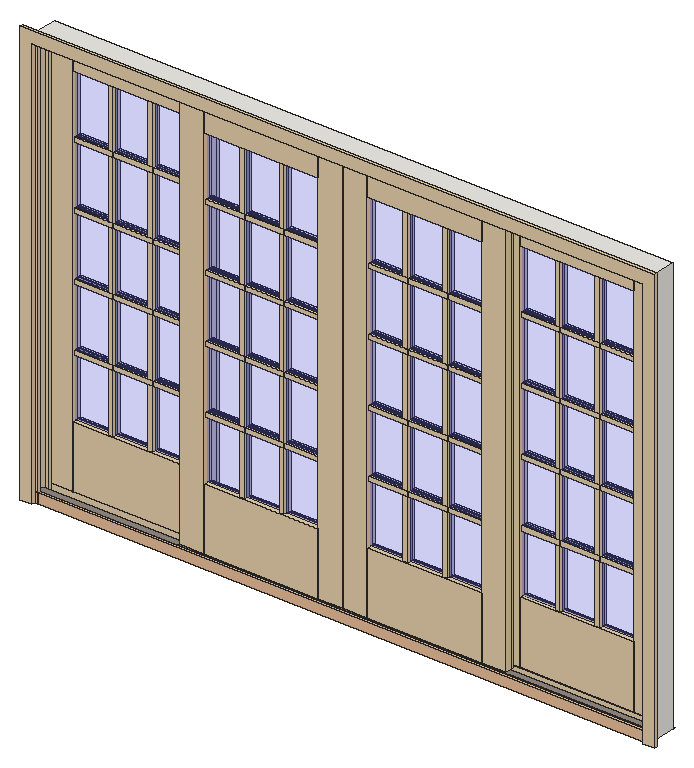
Revit family "Door-Gliding-Andersen-E_Series-Quad 2", category Doors, host Wall, Revit 2013
Parameters
  Type Comments = "Aluminum-clad wood Gliding French Door"  # constant formula
  Rough Width = Width + (Rough Opening Offset * 2)  # 9' - 11"
  Rough Opening Offset = 0' - 0 1/4"
  Rough Height = if(1 > 0, Height + 0' 0 1/2", 0' 0")  # 6' - 8 1/2"
  Masonry Width = if(Enter Exterior Trim Number > 0, Width + ((casing4 + Masonry Opening Offset) * 2), Width + (Masonry Opening Offset * 2))  # 9' - 11"
  Masonry Opening Offset = 0' - 0 1/4"
  Masonry Height = if(Enter Exterior Trim Number > 0, Height + (casing4 + 0' 0 1/2"), Height + 0' 0 1/2")  # 6' - 8 1/2"
  Learn About These Parameters = "http://www.andersenwindows.com/for-professionals/cad-symbols-bim-support-window-doors/bim-support"
  LWide = if(or(Enter Pattern Number = 1, Enter Pattern Number = 2), . . Lights Wide, if(Enter Pattern Number = 6, . . .Lights Wide, 3))  # 3
  Grille Bar Sizes = "5/8'', 7/8'', 1 1/8'', 1 1/2'', 2 1/4''"  # constant formula
  Glazing Material = Glass ‐ Andersen - Low-E4 SmartSun
  Between Glass Grille Bar Sizes = "5/8'', 1''"  # constant formula
  Interior Trim Visibility = yes
  Grille Bar Size = 0' - 0 7/8"
  Enter Pattern Number = 1
  ..Pattern Number 1 = "Traditional"  # constant formula
  ..Pattern Number 2 = "Traditional Top Light Only"  # constant formula
  . . Lights Wide = 3
  . . Top Light Lights High = 5
  . . Bottom Light Lights High = 2
  ..Pattern Number 3 = "Prairie Each Light"  # constant formula
  ..Pattern Number 4 = "Prairie Top Light Only"  # constant formula
  ..Pattern Number 5 = "Prairie Overall"  # constant formula
  ..Pattern Number 6 = "Craftsman"  # constant formula
  . . .Lights Wide = 3
  Extension Jamb Visibility = yes
  . . .Lights High = 1
  . . .Bottom Bar Location = 1' - 0"
  . . .Bottom Bar Size = 0' - 0 7/8"
  Enter Exterior Trim Number = 0
  ..Exterior Trim Number 0 = "No Exterior Trim"  # constant formula
  ..Exterior Trim Number 1 = "2'' Brick Mould (A753)"  # constant formula
  ..Exterior Trim Number 2 = "2'' Ovolo Brick Mould (A754)"  # constant formula
  ..Exterior Trim Number 3 = "3 1/2'' Brick Mould (A755)"  # constant formula
  ..Exterior Trim Number 4 = "3 1/2'' Backband & Bead Casing (A756)"  # constant formula
  ..Exterior Trim Number 5 = "3 1/2'' Flat Casing (A75B)"  # constant formula
  ..Exterior Trim Number 6 = "5 1/2'' Flat Casing (A758)"  # constant formula
  Interior Grille Bar Visibility = yes
  Exterior Grille Bar Visibility = yes
  Between Glass Grille Bar Visibility = yes
  xjamb Visibility [instance] = and(Extension Jamb Visibility, Wall Depth > 0' 4 9/16")  # no
  xjamb S1 [instance] = if(Wall Depth < 0' 4 5/8", 0' 0 1/16", 0' 0")  # 0' - 0 1/16"
  casingS2 = if(Enter Exterior Trim Number = 3, 0' 0 7/8", 0' 0 3/8")  # 0' - 0 3/8"
  casingS1 = if(Enter Exterior Trim Number = 1, 0' 0 5/8", if(or(Enter Exterior Trim Number = 2, Enter Exterior Trim Number = 3), 0' 1 1/2", 0' 0 3/8"))  # 0' - 0 3/8"
  casing4 = if(or(Enter Exterior Trim Number = 1, Enter Exterior Trim Number = 2), 0' 1 5/8", if(Enter Exterior Trim Number = 6, 0' 5 1/8", 0' 3 1/8"))  # 0' - 3 1/8"
  casing3 = if(Enter Exterior Trim Number = 1, 0' 0 3/8", if(Enter Exterior Trim Number = 2, 0' 0 5/16", 0' 0 9/16"))  # 0' - 0 9/16"
  casing2 = if(Enter Exterior Trim Number = 1, 0' 0 7/8", if(Enter Exterior Trim Number = 2, 0' 1 9/16", 0' 1 7/16"))  # 0' - 1 7/16"
  casing1 = 0' - 0 1/4"  # constant formula
  Wall Thickness [instance] = 0' - 8"
  Wall Depth [instance] = 0' - 4 9/16"
  Void Offset 1 [instance] = if(Enter Exterior Trim Number > 0, casing4, 0' 0")  # 0' - 0"
  Void Depth [instance] = if(Wall Thickness > Wall Depth, 0' 1" + Wall Thickness - Wall Depth, 0' 1")  # 0' - 4 7/16"
  VGB DLO = if(or(Enter Pattern Number = 3, or(Enter Pattern Number = 4, Enter Pattern Number = 5)), 0' 4", (H DLO - (Grille Bar Size * (V Bars))) / if(LWide > 2, LWide, 3))  # 2' - 10.91667"
  V Bars = if(LWide > 2, LWide - 1, 2)  # 2
  URL = "www.eaglewindow.com"
  TS V DLO = Height - HGO - SGO  # 5' - 8"
  TS V Bar Length = if(Enter Pattern Number = 6, . . .Bottom Bar Location - HGO - (. . .Bottom Bar Size / 2), TS V DLO)  # 5' - 8"
  TS SH DLO = if(Enter Pattern Number = 5, HGO + 0' 4" + (Grille Bar Size / 2), if(Enter Pattern Number = 6, . . .Bottom Bar Location, (TS V DLO / 2) + HGO))  # 3' - 4"
  TS S V = LWide = 2  # no
  TS S H Craftsman = and(Enter Pattern Number = 6, . . .Lights High = 2)  # no
  TS S H = and(. . Top Light Lights High = 2, or(or(or(Enter Pattern Number = 5, Enter Pattern Number = 6), Enter Pattern Number = 1), Enter Pattern Number = 2))  # no
  TS M V = or(or(or(or(or(and(LWide > 2, Enter Pattern Number = 1), and(LWide > 2, Enter Pattern Number = 2)), Enter Pattern Number = 3), Enter Pattern Number = 4), Enter Pattern Number = 5), and(LWide > 2, Enter Pattern Number = 6))  # yes
  TS M H = or(or(or(and(. . Top Light Lights High > 2, Enter Pattern Number = 1), and(. . Top Light Lights High > 2, Enter Pattern Number = 2), Enter Pattern Number = 3), Enter Pattern Number = 4), and(. . .Lights High > 2, Enter Pattern Number = 6))  # yes
  TS HGB DLO = if(or(Enter Pattern Number = 3, Enter Pattern Number = 4), 0' 4", if(and(Enter Pattern Number = 6, . . .Lights High > 2), (TS V Bar Length - (Grille Bar Size * (. . .Lights High - 1))) / . . .Lights High, if(. . Top Light Lights High > 2, (TS V Bar Length - (Grille Bar Size * (. . Top Light Lights High - 1))) / . . Top Light Lights High, 0' 4")))  # 1' - 0.9"
  TS H Bars = if(or(Enter Pattern Number = 3, Enter Pattern Number = 4), 2, if(and(Enter Pattern Number = 6, . . .Lights High > 2), . . .Lights High - 1, if(. . Top Light Lights High > 2, . . Top Light Lights High - 1, 2)))  # 4
  Sill Interior Offset [instance] = 0' - 0 5/128"  # constant formula
  Sill Height [instance] = 0' - 1 7/8"  # constant formula
  Panel Bottom Inset [instance] = 0' - 2 5/32"  # constant formula
  Sill Depth [instance] = 0' - 6 1/16"  # constant formula
  SGO = 0' - 6"  # constant formula
  Product Documentation Link = "www.eaglewindow.com/_Products/Ascent-Sliding-French-Doors.aspx"
  Panel Width = ((Width / 4) - 0' 1 3/4") + 0' 3 3/8"  # 2' - 7 1/4"
  Panel Type [instance] = Gliding_Panel : SP2
  Panel Height [instance] = CTRL Height - 0' 0 31/32" - Panel Bottom Inset  # 6' - 4 7/8"
  Nail Fin Visibility = Enter Exterior Trim Number = 0  # yes
  Model = "E-Series Gliding"  # constant formula
  Manufacturer = "Andersen Corporation"  # constant formula
  JGO = 0' - 6"  # constant formula
  Is Gliding = 1 = 1  # yes
  Interior Trim Size = 0' - 2 1/4"
  Interior Material = Wood - Andersen - Pine
  Horizontal Craftsman Bar Size = if(Enter Pattern Number = 6, . . .Bottom Bar Size, Grille Bar Size)  # 0' - 0 7/8"
  HGO = 0' - 6"  # constant formula
  H DLO = Width - (JGO * 2)  # 8' - 10 1/2"
  Function = Exterior
  Height = 6' - 8"
  Wall Closure = By host
  Width = 9' - 10 1/2"
  Frame Interior Inset [instance] = 0' - 0"  # constant formula
  Frame Depth [instance] = 0' - 5 29/32"  # constant formula
  Family Version = "06.01.14"  # constant formula
  Exterior Trim Finish = Aluminum - Andersen - Painted - White
  Exterior Panel Finish = Aluminum - Andersen - Painted - White
  Exterior Grille Bar Finish = Aluminum - Andersen - Painted - White
  Exterior Frame Finish = Aluminum - Andersen - Painted - White
  Designation = "GD"
  Description = "Aluminum-clad wood Gliding French Door"  # constant formula
  Coarse Plan [instance] = if(Wall Depth > Wall Thickness, Wall Thickness, Wall Depth)  # 0' - 4 9/16"
  Casing Visibility [instance] = Enter Exterior Trim Number > 0  # no
  CTRL Height [instance] = Height  # 6' - 8"
  Between Glass Grille Bar Finish = Stainless Steel - Andersen - Standard
  BS V DLO = Height - HGO - SGO  # 5' - 8"
  BS SH DLO = if(Enter Pattern Number = 5, SGO + 0' 4" + (Grille Bar Size / 2), (BS V DLO / 2) + SGO)  # 3' - 4"
  BS S V = and(LWide = 2, Enter Pattern Number = 1)  # no
  BS S H = or(and(. . Bottom Light Lights High = 2, Enter Pattern Number = 1), Enter Pattern Number = 5)  # yes
  BS M V = or(or(and(LWide > 2, Enter Pattern Number = 1), Enter Pattern Number = 3), Enter Pattern Number = 5)  # yes
  BS M H = or(and(. . Bottom Light Lights High > 2, Enter Pattern Number = 1), Enter Pattern Number = 3)  # no
  BS HGB DLO = if(. . Bottom Light Lights High > 2, if(Enter Pattern Number = 3, 0' 4", (BS V DLO - (Grille Bar Size * (. . Bottom Light Lights High - 1))) / . . Bottom Light Lights High), 0' 2")  # 0' - 2"
  BS H Bars = if(. . Bottom Light Lights High > 2, . . Bottom Light Lights High - 1, 2)  # 2
Reference planes (in)
  plane 1 "Center (Front/Back)": y = 0
  plane 2 "Center (Left/Right)": x = 0
  plane 3 "R Frame": x = -59.25
  plane 4 "L Frame": x = 59.25
  plane 5 "T Frame": z = 80
  plane 6 "Wall S1": y = 3.71875
  plane 7 "Wall S2": y = -4.28125
  plane 8 "Interior Casing": y = -4.90625
  plane 9 "Frame S2": y = -4.28125
  plane 10 "Flange": y = 0.28125
  plane 11 "Frame S1": y = 1.625
  plane 12 "Casing S2": y = 2
  plane 13 "Casing S1": y = 2
  plane 14 "Exterior Offset": y = 4.71875
  plane 15 "Coarse Detail Plan": y = 1.5625
  plane 16 "R Rough Opening": x = -59.5
  plane 17 "R Casing 1": x = -59
  plane 18 "R Casing 2": x = -60.9375
  plane 19 "R Casing 3": x = -61.8125
  plane 20 "R Casing 4": x = -62.375
  plane 21 "R Masonry Opening": x = -59.5
  plane 22 "L Masonry Opening": x = 59.5
  plane 23 "L Casing 4": x = 62.375
  plane 24 "L Casing 3": x = 61.8125
  plane 25 "L Casing 2": x = 60.9375
  plane 26 "L Casing 1": x = 59
  plane 27 "L Rough Opening": x = 59.5
  plane 28 "T Rough Opening": z = 80.5
  plane 29 "T Casing 1": z = 79.75
  plane 30 "T Casing 2": z = 81.6875
  plane 31 "T Casing 3": z = 82.5625
  plane 32 "T Casing 4": z = 83.125
  plane 33 "T Masonry Opening": z = 80.5
  plane 34 "R Int Casing": x = -60.75
  plane 35 "R Xjamb 2": x = -59.125
  plane 36 "R Xjamb 1": x = -58.5
  plane 37 "L Int Casing": x = 60.75
  plane 38 "L Xjamb 2": x = 59.125
  plane 39 "L Xjamb 1": x = 58.5
  plane 40 "T Int Casing": z = 81.25
  plane 41 "T Xjamb 2": z = 79.875
  plane 42 "T Xjamb 1": z = 79
  plane 43 "L Panel": x = 58.4372
  plane 44 "R Panel": x = -58.4375
  plane 45 "T Panel": z = 79.0312
  plane 46 "B Panel": z = 2.1562
  plane 47 "B Glazing": z = 10.1562
  plane 48 "T Glazing": z = 74.3437
  plane 49 "L Glazing": x = 53.7497
  plane 50 "R Glazing": x = -53.75
  plane 51 "Panel1 S1": y = -1.88625
  plane 52 "Panel1 S2": y = -3.63625
  plane 53 "Xjamb S1": y = -4.21875
  plane 54 "Frame S2 Ext": y = 1.625
  plane 55 "Stop Exterior": y = -1.20413
  plane 56 "Stop Interior": y = -1.71975
  plane 57 "Sill Interior": y = -4.32031
  plane 58 "Sill Exterior": y = 1.74219
  plane 59 "L Stop": x = 57.75
  plane 60 "R Stop": x = -57.75
  plane 61 "T Stop": z = 78.5
  plane 62 "Sill Height": z = 1.875
  plane 63 "Panel2 S1": y = 0.625
  plane 64 "Panel2 S2": y = -1.1355
  plane 65 "R Panel Width": x = -27.1875
  plane 66 "L Panel Width": x = 27.1872
Forms (in)
  Extrusion 1, void
    sketch origin (0, 0, 0) x (1, 0, 0) y (0, 0, 1)
      loop
        line (59.25, 80) -> (-59.25, 80) -> (-59.25, 0) -> (59.25, 0) -> (59.25, 80)
    from -0.28125 to 4.28125
  Extrusion 2, void
    sketch origin (0, 0, 0) x (1, 0, 0) y (0, 0, 1)
      loop
        line (59.25, 80) -> (-59.25, 80) -> (-59.25, 0) -> (59.25, 0) -> (59.25, 80)
    from -15.71875 to -0.28125
  Sweep 3, solid, material "Aluminum - Andersen - Painted - White" <- "Exterior Trim Finish", visible <- "Casing Visibility", detail levels medium+fine
    path origin (0, 0.28125, 0) x (-1, 0, 0) y (0, 0, 1)
      loop
        line (-62.375, 0) -> (-62.375, 83.125) -> (62.375, 83.125) -> (62.375, 0)
    profile origin (62.375, 0.28125, 41.5625) x (1, 0, 0) y (0, 1, 0)
      loop
        line (-1.4375, 1.71875) -> (-3.375, 1.71875) -> (-3.375, 0) -> (0, 0) -> (0, 1.71875) -> (-0.5625, 1.71875) -> (-1.4375, 1.71875)
  Extrusion 4, solid, material "Aluminum - Andersen - Painted - White" <- "Exterior Trim Finish", visible <- "Casing Visibility", detail levels coarse
    sketch origin (0, 0.28125, 0) x (-1, 0, 0) y (0, 0, 1)
      loop
        line (-59, 79.75) -> (59, 79.75) -> (59, 0) -> (62.375, 0) -> (62.375, 83.125) -> (-62.375, 83.125) -> (-62.375, 0) -> (-59, 0) -> (-59, 79.75)
    from 0 to 1.71875
  Extrusion 5, solid, material "Wood - Andersen - Pine" <- "Interior Material", visible <- "Interior Trim Visibility", detail levels fine
    sketch origin (0, 0, 0) x (1, 0, 0) y (0, 0, 1)
      loop
        line (-58.5, 79) -> (58.5, 79) -> (58.5, 0) -> (60.75, 0) -> (60.75, 81.25) -> (-60.75, 81.25) -> (-60.75, 0) -> (-58.5, 0) -> (-58.5, 79)
    from 4.28125 to 4.90625
  Extrusion 6, solid, material "Wood - Andersen - Pine" <- "Interior Material", visible <- "xjamb Visibility", detail levels medium+fine
    sketch origin (0, 0, 0) x (1, 0, 0) y (0, 0, 1)
      loop
        line (-59.125, 0) -> (-58.5, 0) -> (-58.5, 79) -> (58.5, 79) -> (58.5, 0) -> (59.125, 0) -> (59.125, 79.875) -> (-59.125, 79.875) -> (-59.125, 0)
    from 4.21875 to 4.28125
  Sweep 7, solid, material "Aluminum - Andersen - Painted - White" <- "Exterior Frame Finish", detail levels medium+fine
    path origin (0, 0.28125, 0) x (-1, 0, 0) y (0, 0, 1)
      loop
        line (-59.25, 0) -> (-59.25, 80) -> (59.25, 80) -> (59.25, 0)
    profile origin (59.25, 0.28125, 40) x (1, 0, 0) y (0, 1, 0)
      loop
        line (0, -4.5625) -> (0, 1.13341) -> (-0.41612, 1.34375) -> (-1.5, 1.34375) -> (-1.5, 0.35575) -> (-0.75, 0.35575) -> (-0.75, -1.48538) -> (-1.375, -1.48538) -> (-1.375, -2.001) -> (-0.75, -2.001) -> (-0.75, -4.0625) -> (-1.313, -4.0625) -> (-1.313, -4.5625) -> (0, -4.5625)
  Sweep 8, solid, material "Aluminum - Andersen - Painted - White" <- "Exterior Frame Finish", detail levels coarse
    path origin (-0.30351, 0.28125, 0) x (-1, 0, 0) y (0, 0, 1)
      loop
        line (-59.55351, 0) -> (-59.55351, 80) -> (58.94649, 80) -> (58.94649, 0)
    profile origin (59.25, 0.28125, 40) x (1, 0, 0) y (0, 1, 0)
      loop
        line (-0.75, -4.5625) -> (0, -4.5625) -> (0, 1.34375) -> (-0.75, 1.34375) -> (-0.75, -4.5625)
  Sweep 9, solid, material "Fiberglass - Andersen - Terratone", detail levels medium+fine
    path origin (0, 0.28125, 0) x (-1, 0, 0) y (0, 0, 1)
      loop
        line (-59.25, 0) -> (59.25, 0)
    profile origin (0, 0.28125, 0) x (0, 0, 1) y (0, 1, 0)
      loop
        line (0, -4.60156) -> (1.875, -4.60156) -> (1.875, -3.94709) -> (2.00898, -3.94709) -> (1.91719, -2.63442) -> (0.63229, -2.63442) -> (0.54751, -1.41675) -> (0.42251, -1.41675) -> (0.29543, 0.40833) -> (0.15625, 0.40833) -> (0.09649, 1.46094) -> (0, 1.46094) -> (0, -4.60156)
  Sweep 10, solid, material "Fiberglass - Andersen - Terratone", detail levels coarse
    path origin (0, 0.28125, 0) x (-1, 0, 0) y (0, 0, 1)
      loop
        line (-58.5, 2.1562) -> (58.5, 2.1562)
    profile origin (0, 0.28125, 2.1562) x (0, 0, 1) y (0, 1, 0)
      loop
        line (0, 1.46094) -> (-2.1562, 1.46094) -> (-2.1562, -4.60156) -> (0, -4.60156) -> (0, 1.46094)
  Sweep 11, void
    path origin (0, 0.28125, 0) x (-1, 0, 0) y (0, 0, 1)
      loop
        line (0, 0) -> (0, 2.1562)
    profile origin (0, 0.28125, 1.0781) x (1, 0, 0) y (0, 1, 0)
      loop
        line (57.937, -4.0625) -> (57.937, -4.5625) -> (59.25, -4.5625) -> (59.25, 1.34375) -> (57.75, 1.34375) -> (57.75, 0.35575) -> (58.5, 0.35575) -> (58.5, -1.48538) -> (57.875, -1.48538) -> (57.875, -2.001) -> (58.5, -2.001) -> (58.5, -4.0625) -> (57.937, -4.0625)
      loop
        line (-57.937, -4.0625) -> (-58.5, -4.0625) -> (-58.5, -2.001) -> (-57.875, -2.001) -> (-57.875, -1.48538) -> (-58.5, -1.48538) -> (-58.5, 0.35575) -> (-57.75, 0.35575) -> (-57.75, 1.34375) -> (-59.25, 1.34375) -> (-59.25, -4.5625) -> (-57.937, -4.5625) -> (-57.937, -4.0625)
  Sweep 12, solid, material "Aluminum - Andersen - Painted - White" <- "Exterior Frame Finish", detail levels medium+fine
    path origin (0.97958, 0.28125, -3.29495) x (-1, 0, 0) y (0, 0, 1)
      loop
        line (28.16708, 5.45115) -> (59.41708, 5.45115)
    profile origin (-42.8125, 0.28125, 2.1562) x (0, 0, 1) y (0, 1, 0)
      loop
        line (-1.73369, -1.41675) -> (0, -1.41675) -> (0, 0.34375) -> (-1.85627, 0.34375) -> (-1.73369, -1.41675)
  Sweep 13, solid, material "Aluminum - Andersen - Painted - White" <- "Exterior Frame Finish", detail levels medium+fine
    path origin (-0.98038, 0.28125, -3.29495) x (1, 0, 0) y (0, 0, 1)
      loop
        line (28.16758, 5.45115) -> (59.41758, 5.45115)
    profile origin (42.8122, 0.28125, 2.1562) x (0, 0, -1) y (0, 1, 0)
      loop
        line (1.73369, -1.41675) -> (1.85627, 0.34375) -> (0, 0.34375) -> (0, -1.41675) -> (1.73369, -1.41675)
Cuts and joins
  Sweep 11 cuts Sweep 9
Lines and regions (in)
  Masking region 1, visible <- "Casing Visibility"
    outline origin (0, 0, 0) x (0, 1, 0) y (0, 0, 1)
      loop
        line (0.28125, 80) -> (1.625, 80) -> (1.625, 0) -> (2, 0) -> (2, 83.125) -> (0.28125, 83.125) -> (0.28125, 80)
  Masking region 2
    outline origin (0, 0, 0) x (1, 0, 0) y (0, 1, 0)
      loop
        line (-59.25, 1.74219) -> (-59.25, -4.32031) -> (59.25, -4.32031) -> (59.25, 1.74219) -> (-59.25, 1.74219)
  Masking region 3
    outline origin (0, 0, 0) x (0, 1, 0) y (0, 0, 1)
      loop
        line (1.625, 80) -> (-4.28125, 80) -> (-4.28125, 0) -> (1.625, 0) -> (1.625, 80)
  Masking region 4, visible <- "Casing Visibility", detail levels fine
    outline origin (0, 0, 0) x (1, 0, 0) y (0, 1, 0)
      loop
        line (-61.8125, 2) -> (-62.375, 2) -> (-62.375, 0.28125) -> (-59.25, 0.28125) -> (-59.25, 1.625) -> (-59, 1.625) -> (-59, 2) -> (-60.9375, 2) -> (-61.8125, 2)
  Masking region 5, visible <- "Casing Visibility", detail levels fine
    outline origin (0, 0, 0) x (1, 0, 0) y (0, 1, 0)
      loop
        line (61.8125, 2) -> (60.9375, 2) -> (59, 2) -> (59, 1.625) -> (59.25, 1.625) -> (59.25, 0.28125) -> (62.375, 0.28125) -> (62.375, 2) -> (61.8125, 2)
  Masking region 6, visible <- "Casing Visibility", detail levels coarse+medium
    outline origin (0, 0, 0) x (1, 0, 0) y (0, 1, 0)
      loop
        line (-62.375, 2) -> (-62.375, 0.28125) -> (-59.25, 0.28125) -> (-59.25, 2) -> (-62.375, 2)
  Masking region 7, visible <- "Casing Visibility", detail levels coarse+medium
    outline origin (0, 0, 0) x (1, 0, 0) y (0, 1, 0)
      loop
        line (59.25, 2) -> (59.25, 0.28125) -> (62.375, 0.28125) -> (62.375, 2) -> (59.25, 2)
  Masking region 8, visible <- "Casing Visibility"
    outline origin (0, 1.74219, 0) x (-1, 0, 0) y (0, 0, 1)
      loop
        line (-62.375, 83.125) -> (-62.375, 0) -> (-59.25, 0) -> (-59.25, 80) -> (59.25, 80) -> (59.25, 0) -> (62.375, 0) -> (62.375, 83.125) -> (-62.375, 83.125)
  Masking region 9, visible <- "Interior Trim Visibility", detail levels fine
    outline origin (0, -4.90625, 0) x (-1, 0, 0) y (0, 0, 1)
      loop
        line (-60.75, 81.25) -> (-60.75, 0) -> (-58.5, 0) -> (-58.5, 79) -> (58.5, 79) -> (58.5, 0) -> (60.75, 0) -> (60.75, 81.25) -> (-60.75, 81.25)
  Masking region 10
    outline origin (0, -4.32031, 0) x (-1, 0, 0) y (0, 0, 1)
      loop
        line (-59.25, 80) -> (-59.25, 0) -> (59.25, 0) -> (59.25, 80) -> (-59.25, 80)
      loop
        line (-57.75, 78.5) -> (-57.75, 2.1562) -> (57.75, 2.1562) -> (57.75, 78.5) -> (-57.75, 78.5)
  Split face 1
    outline origin (-27.1875, 0.28125, 2.1562) x (0, 0, -1) y (0, 1, 0)
      loop
        line (0, -0.03125) -> (1.83234, -0.03125)
  Masking region 11
    outline origin (0, 1.74219, 0) x (-1, 0, 0) y (0, 0, 1)
      loop
        line (59.25, 80) -> (-59.25, 80) -> (-59.25, 0) -> (59.25, 0) -> (59.25, 80)
      loop
        line (57.75, 78.5) -> (-57.75, 78.5) -> (-57.75, 2.1562) -> (57.75, 2.1562) -> (57.75, 78.5)
  Split face 2
    outline origin (27.1872, 0.28125, 2.1562) x (0, 0, 1) y (0, 1, 0)
      loop
        line (0, -0.03125) -> (-1.83234, -0.03125)
  Split face 3
    outline origin (58.5, 1.74219, 2.1562) x (-1, 0, 0) y (0, -1, 0)
      loop
        line (0, 5.37844) -> (117, 5.37844)
  Split face 4
    outline origin (58.5, 0.28125, 2.1562) x (0, 0, -1) y (0, 1, 0)
      loop
        line (0, -3.9175) -> (2.1562, -3.9175)
  Split face 5
    outline origin (-58.5, 0.28125, 2.1562) x (0, 1, 0) y (0, 0, -1)
      loop
        line (-3.9175, 0) -> (-3.9175, 2.1562)
  Split face 6
    outline origin (58.5, -4.32031, 0) x (0, 1, 0) y (-1, 0, 0)
      loop
        line (0.68406, 117) -> (0.68406, 0)
  Split face 7
    outline origin (58.5, -4.28125, 0) x (0, 0, 1) y (0, 1, 0)
      loop
        line (0, 3.14575) -> (79.25, 3.14575)
  Split face 8
    outline origin (-58.5, -4.28125, 79.25) x (0, 0, -1) y (0, 1, 0)
      loop
        line (79.25, 3.14575) -> (0, 3.14575)
  Split face 9
    outline origin (58.5, -4.28125, 79.25) x (0, 1, 0) y (-1, 0, 0)
      loop
        line (3.14575, 0) -> (3.14575, 31.3128) -> (0.645, 31.3128) -> (0.645, 85.6875) -> (3.14575, 85.6875) -> (3.14575, 117)
  Split face 10
    outline origin (-59.25, 1.625, 80) x (0, 0, -1) y (0, -1, 0)
      loop
        line (80, 2.7605) -> (0, 2.7605)
  Split face 11
    outline origin (59.25, 1.625, 80) x (-1, 0, 0) y (0, -1, 0)
      loop
        line (118.5, 2.7605) -> (0, 2.7605)
  Split face 12
    outline origin (59.25, 1.625, 0) x (0, 0, 1) y (0, -1, 0)
      loop
        line (80, 2.7605) -> (0, 2.7605)
  Split face 13
    outline origin (-59.25, 1.41466, 80) x (0, 0, -1) y (0, -1, 0)
      loop
        line (80, 2.55016) -> (0, 2.55016)
  Split face 14
    outline origin (59.25, 1.41466, 80) x (-1, 0, 0) y (0, -1, 0)
      loop
        line (118.5, 2.55016) -> (0, 2.55016)
  Split face 15
    outline origin (59.25, 1.41466, 0) x (0, 0, 1) y (0, -1, 0)
      loop
        line (80, 2.55016) -> (0, 2.55016)
  Masking region 12, visible <- "xjamb Visibility", detail levels medium+fine
    outline origin (0, 0, 0) x (1, 0, 0) y (0, 1, 0)
      loop
        line (-59.125, -4.21875) -> (-59.125, -4.28125) -> (-58.5, -4.28125) -> (-58.5, -4.21875) -> (-59.125, -4.21875)
  Masking region 13, visible <- "Interior Trim Visibility", detail levels fine
    outline origin (0, 0, 0) x (1, 0, 0) y (0, 1, 0)
      loop
        line (-60.75, -4.28125) -> (-60.75, -4.90625) -> (-58.5, -4.90625) -> (-58.5, -4.28125) -> (-60.75, -4.28125)
  Masking region 14, visible <- "xjamb Visibility", detail levels medium+fine
    outline origin (0, 0, 0) x (1, 0, 0) y (0, 1, 0)
      loop
        line (58.5, -4.21875) -> (58.5, -4.28125) -> (59.125, -4.28125) -> (59.125, -4.21875) -> (58.5, -4.21875)
  Masking region 15, visible <- "Interior Trim Visibility", detail levels fine
    outline origin (0, 0, 0) x (1, 0, 0) y (0, 1, 0)
      loop
        line (58.5, -4.28125) -> (58.5, -4.90625) -> (60.75, -4.90625) -> (60.75, -4.28125) -> (58.5, -4.28125)
  Masking region 16, visible <- "xjamb Visibility", detail levels medium+fine
    outline origin (0, 0, 0) x (0, 1, 0) y (0, 0, 1)
      loop
        line (-4.21875, 79.875) -> (-4.28125, 79.875) -> (-4.28125, 0) -> (-4.21875, 0) -> (-4.21875, 79.875)
  Masking region 17, visible <- "Interior Trim Visibility", detail levels fine
    outline origin (0, 0, 0) x (0, 1, 0) y (0, 0, 1)
      loop
        line (-4.28125, 81.25) -> (-4.90625, 81.25) -> (-4.90625, 0) -> (-4.28125, 0) -> (-4.28125, 81.25)
  symbolic lines, style "DoorsFrameMullionProjection", visible <- "Casing Visibility", detail levels medium+fine
    curve 1: line (0, 2, 82.5625) -> (0, 2, 81.6875)
    curve 2: line (0, 2, 81.6875) -> (0, 2, 79.75)
    curve 3: line (0, 2, 79.75) -> (0, 1.625, 79.75)
    curve 5: line (60.875, 0.28125, 2.1562) -> (64, 0.28125, 2.1562)
    curve 6: line (-60.875, 0.28125, 2.1562) -> (-64, 0.28125, 2.1562)
    curve 117: line (0, 0.28125, 84.75) -> (0, 0.28125, 83.125)
  symbolic lines, style "DoorsFrameMullionProjection", detail levels coarse
    curve 4: line (0, 1.625, 80) -> (0, 2, 80)
    curve 7: line (58.5, 1.625, 2.1562) -> (58.5, -4.28125, 2.1562)
    curve 8: line (0, 1.74219, 0) -> (0, 1.74219, 2.1562)
    curve 9: line (0, 1.74219, 2.1562) -> (0, -4.32031, 2.1562)
    curve 10: line (0, -4.32031, 2.1562) -> (0, -4.32031, 0)
    curve 11: line (0, -4.21875, 79) -> (0, 1.625, 79)
    curve 33: line (-59.25, 1.625, 2.1562) -> (-58.5, 1.625, 2.1562)
    curve 96: line (-58.5, 1.625, 2.1562) -> (-58.5, -4.28125, 2.1562)
    curve 121: line (58.5, 1.625, 2.1562) -> (59.25, 1.625, 2.1562)
  symbolic lines, style "DoorsFrameMullionProjection", detail levels medium+fine
    curve 12: line (-58.875, -4.28125, 2.1562) -> (-59.25, -4.28125, 2.1562)
    curve 15: line (-57.75, 1.625, 0.8125) -> (-57.75, 0.637, 0.8125)
    curve 16: line (-57.75, 0.637, 0.8125) -> (-58.5, 0.637, 0.8125)
    curve 17: line (-58.5, 0.637, 0.8125) -> (-58.5, -1.20413, 0.8125)
    curve 18: line (-58.5, -1.20413, 0.8125) -> (-57.875, -1.20413, 0.8125)
    curve 19: line (-57.875, -1.20413, 0.8125) -> (-57.875, -1.71975, 0.8125)
    curve 20: line (-57.937, -4.28125, 0.8125) -> (-59.25, -4.28125, 0.8125)
    curve 21: line (-59.25, -4.28125, 0.8125) -> (-59.25, 1.41466, 0.8125)
    curve 22: line (-58.83388, 1.625, 0.8125) -> (-57.75, 1.625, 0.8125)
    curve 23: line (0, -1.20413, 78.625) -> (0, -1.71975, 78.625)
    curve 24: line (0, -1.20413, 79.25) -> (0, -1.20413, 78.625)
    curve 25: line (0, -1.20413, 79.25) -> (0, 1.01512, 79.25)
    curve 26: line (0, 1.01512, 79.25) -> (0, 1.01512, 78.5)
    curve 27: line (0, 1.01512, 78.5) -> (0, 1.625, 78.5)
    curve 28: line (0, 1.625, 78.5) -> (0, 1.625, 79.58388)
    curve 29: line (0, -4.28125, 78.687) -> (0, -4.28125, 80)
    curve 30: line (0, -4.28125, 80) -> (0, 1.41466, 80)
    curve 42: line (-58.5, -1.71975, 0.8125) -> (-57.875, -1.71975, 0.8125)
    curve 43: line (-58.5, -1.71975, 0.8125) -> (-58.5, -3.78125, 0.8125)
    curve 44: line (-58.5, -3.78125, 0.8125) -> (-57.937, -3.78125, 0.8125)
    curve 45: line (-57.937, -3.78125, 0.8125) -> (-57.937, -4.28125, 0.8125)
    curve 46: line (-59.25, 1.41466, 0.8125) -> (-58.83388, 1.625, 0.8125)
    curve 52: line (57.75, 1.625, 0.8125) -> (57.75, 0.637, 0.8125)
    curve 53: line (57.75, 0.637, 0.8125) -> (58.5, 0.637, 0.8125)
    curve 54: line (58.5, 0.637, 0.8125) -> (58.5, -1.20413, 0.8125)
    curve 55: line (58.5, -1.20413, 0.8125) -> (57.875, -1.20413, 0.8125)
    curve 56: line (57.875, -1.20413, 0.8125) -> (57.875, -1.71975, 0.8125)
    curve 57: line (57.937, -4.28125, 0.8125) -> (59.25, -4.28125, 0.8125)
    curve 58: line (59.25, -4.28125, 0.8125) -> (59.25, 1.41466, 0.8125)
    curve 59: line (58.83388, 1.625, 0.8125) -> (57.75, 1.625, 0.8125)
    curve 60: line (58.5, -1.71975, 0.8125) -> (57.875, -1.71975, 0.8125)
    curve 61: line (58.5, -1.71975, 0.8125) -> (58.5, -3.78125, 0.8125)
    curve 62: line (58.5, -3.78125, 0.8125) -> (57.937, -3.78125, 0.8125)
    curve 63: line (57.937, -3.78125, 0.8125) -> (57.937, -4.28125, 0.8125)
    curve 64: line (59.25, 1.41466, 0.8125) -> (58.83388, 1.625, 0.8125)
    curve 65: line (0, 0.68958, 0.15625) -> (0, 1.74219, 0.09649)
    curve 66: line (0, 1.74219, 0.09649) -> (0, 1.74219, 0)
    curve 67: line (0, -4.32031, 0) -> (0, -4.32031, 1.875)
    curve 68: line (0, -4.32031, 1.875) -> (0, -3.66584, 1.875)
    curve 69: line (0, -3.66584, 2.00898) -> (0, -2.35317, 1.91719)
    curve 70: line (0, -2.35317, 1.91719) -> (0, -2.35317, 0.63229)
    curve 71: line (0, -1.1355, 0.42251) -> (0, 0.68958, 0.29543)
    curve 72: line (0, -2.35317, 0.63229) -> (0, -1.1355, 0.54751)
    curve 73: line (0, 0.68958, 0.29543) -> (0, 0.68958, 0.15625)
    curve 74: line (0, -3.66584, 1.875) -> (0, -3.66584, 2.00898)
    curve 83: line (0, -1.71975, 79.25) -> (0, -1.71975, 78.625)
    curve 84: line (0, -1.71975, 79.25) -> (0, -3.78125, 79.25)
    curve 85: line (0, -3.78125, 79.25) -> (0, -3.78125, 78.687)
    curve 86: line (0, -3.78125, 78.687) -> (0, -4.28125, 78.687)
    curve 87: line (0, 1.41466, 80) -> (0, 1.625, 79.58388)
    curve 93: line (0, 0.625, 2.1562) -> (0, 0.625, 0.29993)
    curve 94: line (0, -1.1355, 2.1562) -> (0, -1.1355, 0.42251)
    curve 95: line (0, -1.1355, 2.1562) -> (0, 0.625, 2.1562)
    curve 118: line (58.5, -4.32031, 2.1562) -> (-58.5, -4.32031, 2.1562)
    curve 119: line (-27.1875, 1.74219, 0.29543) -> (-27.1875, 1.74219, 2.1562)
    curve 120: line (27.1872, 1.74219, 0.29543) -> (27.1872, 1.74219, 2.1562)
    curve 122: line (-28.4375, -1.1355, 0) -> (-28.4375, -1.88625, 0)
    curve 123: line (-27.4375, -1.1355, 0) -> (-27.4375, -1.88625, 0)
    curve 124: line (27.4372, -1.1355, 0) -> (27.4372, -1.88625, 0)
    curve 125: line (28.4372, -1.1355, 0) -> (28.4372, -1.88625, 0)
  symbolic lines, style "DoorsFrameMullionProjection", not visible, detail levels fine
    curve 13: line (0, 1.74219, 0) -> (0, -4.32031, 0)
  symbolic lines, style "DoorsFrameMullionProjection", detail levels fine
    curve 14: line (0, 1.74219, 0) -> (0, -4.32031, 0)
  symbolic lines, style "DoorsFrameMullionProjection"
    curve 31: line (57.75, 1.74219, 2.1562) -> (57.75, 1.74219, 0)
    curve 32: line (-57.75, 1.74219, 2.1562) -> (-57.75, 1.74219, 0)
    curve 129: line (-59.25, 1.625, 0) -> (-59.25, -4.28125, 0)
    curve 131: line (59.25, 1.625, 0) -> (59.25, -4.28125, 0)
    curve 132: line (0, 2, 83.125) -> (0, 0.28125, 83.125)
    curve 133: line (0, 1.625, 80) -> (0, -4.28125, 80)
  symbolic lines, style "DoorsFrameMullionProjection", not visible, detail levels medium+fine
    curve 34: line (-16.75, 3.77622, 0.8125) -> (-16.75, 2.78822, 0.8125)
    curve 35: line (-16.75, 2.78822, 0.8125) -> (-17.5, 2.78822, 0.8125)
    curve 36: line (-17.5, 2.78822, 0.8125) -> (-17.5, 0.94709, 0.8125)
    curve 37: line (-17.5, 0.94709, 0.8125) -> (-16.875, 0.94709, 0.8125)
    curve 38: line (-16.875, 0.94709, 0.8125) -> (-16.875, 0.43147, 0.8125)
    curve 39: line (-16.937, -2.13003, 0.8125) -> (-18.25, -2.13003, 0.8125)
    curve 40: line (-18.25, -2.13003, 0.8125) -> (-18.25, 3.56588, 0.8125)
    curve 41: line (-17.83388, 3.77622, 0.8125) -> (-16.75, 3.77622, 0.8125)
    curve 47: line (-17.5, 0.43147, 0.8125) -> (-16.875, 0.43147, 0.8125)
    curve 48: line (-17.5, 0.43147, 0.8125) -> (-17.5, -1.63003, 0.8125)
    curve 49: line (-17.5, -1.63003, 0.8125) -> (-16.937, -1.63003, 0.8125)
    curve 50: line (-16.937, -1.63003, 0.8125) -> (-16.937, -2.13003, 0.8125)
    curve 51: line (-18.25, 3.56588, 0.8125) -> (-17.83388, 3.77622, 0.8125)
    curve 75: line (0, -0.20413, 78.625) -> (0, -0.71975, 78.625)
    curve 76: line (0, -0.20413, 79.25) -> (0, -0.20413, 78.625)
    curve 77: line (0, -0.20413, 79.25) -> (0, 2.01512, 79.25)
    curve 78: line (0, 2.01512, 79.25) -> (0, 2.01512, 78.5)
    curve 79: line (0, 2.01512, 78.5) -> (0, 2.625, 78.5)
    curve 80: line (0, 2.625, 78.5) -> (0, 2.625, 79.58388)
    curve 81: line (0, -3.28125, 78.687) -> (0, -3.28125, 80)
    curve 82: line (0, -3.28125, 80) -> (0, 2.41466, 80)
    curve 88: line (0, -0.71975, 79.25) -> (0, -0.71975, 78.625)
    curve 89: line (0, -0.71975, 79.25) -> (0, -2.78125, 79.25)
    curve 90: line (0, -2.78125, 79.25) -> (0, -2.78125, 78.687)
    curve 91: line (0, -2.78125, 78.687) -> (0, -3.28125, 78.687)
    curve 92: line (0, 2.41466, 80) -> (0, 2.625, 79.58388)
    curve 101: line (0, 1.68958, 0.15625) -> (0, 2.74219, 0.09649)
    curve 102: line (0, 2.74219, 0.09649) -> (0, 2.74219, 0)
    curve 103: line (0, -3.32031, 0) -> (0, -3.32031, 1.875)
    curve 104: line (0, -3.32031, 1.875) -> (0, -2.66584, 1.875)
    curve 105: line (0, -2.66584, 2.00898) -> (0, -1.35317, 1.91719)
    curve 106: line (0, -1.35317, 1.91719) -> (0, -1.35317, 0.63229)
    curve 107: line (0, -0.1355, 0.42251) -> (0, 1.68958, 0.29543)
    curve 108: line (0, -1.35317, 0.63229) -> (0, -0.1355, 0.54751)
    curve 109: line (0, 1.68958, 0.29543) -> (0, 1.68958, 0.15625)
    curve 110: line (0, -2.66584, 1.875) -> (0, -2.66584, 2.00898)
    curve 111: line (0, 1.625, 2.1562) -> (0, 1.625, 0.29993)
    curve 112: line (0, -0.1355, 2.1562) -> (0, -0.1355, 0.42251)
    curve 113: line (0, -0.1355, 2.1562) -> (0, 1.625, 2.1562)
  symbolic lines, style "DoorsFrameMullionProjection", not visible, detail levels coarse
    curve 97: line (-17.5, 3.77622, 2.1562) -> (-17.5, -2.13003, 2.1562)
    curve 98: line (0, 2.74219, 0) -> (0, 2.74219, 2.1562)
    curve 99: line (0, 2.74219, 2.1562) -> (0, -3.32031, 2.1562)
    curve 100: line (0, -3.32031, 2.1562) -> (0, -3.32031, 0)
  symbolic lines, style "DoorsFrameMullionProjection", visible <- "Nail Fin Visibility", detail levels medium+fine
    curve 114: line (59.25, 0.28125, 2.1562) -> (60.875, 0.28125, 2.1562)
    curve 115: line (-59.25, 0.28125, 2.1562) -> (-60.875, 0.28125, 2.1562)
    curve 116: line (0, 0.28125, 81.5) -> (0, 0.28125, 80)
  symbolic lines, style "DoorsFrameMullionProjection", visible <- "xjamb Visibility", detail levels medium+fine
    curve 126: line (0, -4.21875, 79) -> (0, -4.28125, 79)
  symbolic lines, style "DoorsFrameMullionProjection", visible <- "Interior Trim Visibility", detail levels fine
    curve 127: line (0, -4.28125, 79) -> (0, -4.90625, 79)
  symbolic lines, style "DoorsFrameMullionProjection", visible <- "Casing Visibility"
    curve 128: line (-62.375, 2, 0) -> (-62.375, 0.28125, 0)
    curve 130: line (62.375, 2, 0) -> (62.375, 0.28125, 0)
Text (in)
  text "Exterior" at (-74.96733, 27.31104, 0), in view "Ref. Level"
  text "Interior" at (-74.96733, -25.14366, 0), in view "Ref. Level"
  text "Exterior" at (0, 40.15149, 123.01588), in view "Right"
  text "Interior" at (0, -64.39139, 123.01588), in view "Right"
  text "Interior" at (0, -31.01599, 123.00693), in view "Left"
  text "Exterior" at (0, 54.57065, 123.00693), in view "Left"
Dimensions and locks (in)
  equal spacing: plane 3 "R Frame", plane 2 "Center (Left/Right)", plane 4 "L Frame"
  "CTRL Height": level to plane 5 "T Frame"
  "Width": plane 3 "R Frame" to plane 4 "L Frame"
  host wall to plane 5 "T Frame" = 6' - 8"
  locked: plane 11 "Frame S1" to plane 10 "Flange" at 1.34375
  "casingS2": plane 12 "Casing S2" to plane 11 "Frame S1"
  locked: plane 8 "Interior Casing" to host wall at 0.625
  locked: plane 14 "Exterior Offset" to host wall at 1
  "Void Offset 1": plane 4 "L Frame" to Extrusion 2 sketch curve
  "Void Offset 1": plane 5 "T Frame" to Extrusion 2 sketch curve
  "Void Offset 1": Extrusion 2 sketch curve to plane 3 "R Frame"
  "casing1": plane 26 "L Casing 1" to plane 4 "L Frame"
  "Rough Opening Offset": plane 4 "L Frame" to plane 27 "L Rough Opening"
  "casing4": plane 4 "L Frame" to plane 23 "L Casing 4"
  "casing2": plane 25 "L Casing 2" to plane 23 "L Casing 4"
  "casing3": plane 24 "L Casing 3" to plane 23 "L Casing 4"
  "casing1": plane 3 "R Frame" to plane 17 "R Casing 1"
  "Rough Opening Offset": plane 16 "R Rough Opening" to plane 3 "R Frame"
  "casing4": plane 20 "R Casing 4" to plane 3 "R Frame"
  "casing2": plane 20 "R Casing 4" to plane 18 "R Casing 2"
  "casing3": plane 20 "R Casing 4" to plane 19 "R Casing 3"
  "casing1": plane 29 "T Casing 1" to plane 5 "T Frame"
  "casing4": plane 5 "T Frame" to plane 32 "T Casing 4"
  "casing2": plane 30 "T Casing 2" to plane 32 "T Casing 4"
  "casing3": plane 31 "T Casing 3" to plane 32 "T Casing 4"
  locked: plane 3 "R Frame" to plane 35 "R Xjamb 2" at 0.125
  locked: plane 3 "R Frame" to plane 36 "R Xjamb 1" at 0.75
  "Interior Trim Size": plane 34 "R Int Casing" to plane 36 "R Xjamb 1"
  locked: plane 38 "L Xjamb 2" to plane 4 "L Frame" at 0.125
  locked: plane 39 "L Xjamb 1" to plane 4 "L Frame" at 0.75
  "Interior Trim Size": plane 39 "L Xjamb 1" to plane 37 "L Int Casing"
  locked: plane 41 "T Xjamb 2" to plane 5 "T Frame" at 0.125
  plane 42 "T Xjamb 1" to plane 5 "T Frame" = 0' - 1"
  locked: plane 42 "T Xjamb 1" to plane 40 "T Int Casing" at 2.25
  locked: plane 45 "T Panel" to plane 5 "T Frame" at 0.9688
  locked: plane 48 "T Glazing" to plane 45 "T Panel" at 4.6875
  locked: plane 46 "B Panel" to plane 47 "B Glazing" at 8
  locked: plane 3 "R Frame" to plane 44 "R Panel" at 0.8125
  locked: plane 44 "R Panel" to plane 50 "R Glazing" at 4.6875
  locked: plane 43 "L Panel" to plane 4 "L Frame" at 0.8128
  locked: plane 49 "L Glazing" to plane 43 "L Panel" at 4.6875
  locked: plane 51 "Panel1 S1" to plane 52 "Panel1 S2" at 1.75
  "xjamb S1": plane 53 "Xjamb S1" to plane 9 "Frame S2"
  locked: Extrusion 2 to host wall at 12
  "Void Depth": plane 14 "Exterior Offset" to Extrusion 2
  "Wall Thickness": host wall to host wall
  "Wall Depth": host wall to plane 10 "Flange"
  "casingS1": plane 13 "Casing S1" to plane 11 "Frame S1"
  "Frame Depth": plane 54 "Frame S2 Ext" to plane 9 "Frame S2"
  locked: plane 54 "Frame S2 Ext" to plane 55 "Stop Exterior" at 2.82913
  locked: plane 23 "L Casing 4" to curve 5 at 1.625
  locked: curve 6 to plane 20 "R Casing 4" at 1.625
  "Panel Height": plane 46 "B Panel" to plane 45 "T Panel"
  "Sill Interior Offset": plane 9 "Frame S2" to plane 57 "Sill Interior"
  locked: plane 36 "R Xjamb 1" to plane 60 "R Stop" at 0.75
  locked: plane 54 "Frame S2 Ext" to plane 11 "Frame S1" at 0
  "Sill Depth": plane 58 "Sill Exterior" to plane 57 "Sill Interior"
  locked: plane 61 "T Stop" to plane 42 "T Xjamb 1" at 0.5
  "Sill Height": level to plane 62 "Sill Height"
  locked: plane 52 "Panel1 S2" to plane 9 "Frame S2" at 0.645
  locked: plane 63 "Panel2 S1" to plane 64 "Panel2 S2" at 1.7605
  locked: plane 54 "Frame S2 Ext" to plane 63 "Panel2 S1" at 1
  locked: plane 59 "L Stop" to plane 39 "L Xjamb 1" at 0.75
  locked: plane 55 "Stop Exterior" to plane 56 "Stop Interior" at 0.51562
  "Panel Width": plane 44 "R Panel" to plane 65 "R Panel Width"
  locked: plane 4 "L Frame" to curve 114 at 1.625
  locked: curve 115 to plane 3 "R Frame" at 1.625
  locked: plane 5 "T Frame" to curve 116 at 1.5
  curve 117 to curve 117 = 0' - 1 5/8"
  locked: plane 63 "Panel2 S1" to Split face 1 sketch curve at 0.375
  "Panel Width": plane 66 "L Panel Width" to plane 43 "L Panel"
  locked: curve 122 to curve 123 at 1
  locked: plane 66 "L Panel Width" to curve 124 at 0.25
  locked: curve 124 to curve 125 at 1
  locked: curve 123 to plane 65 "R Panel Width" at 0.25
  equal spacing: plane 21 "R Masonry Opening", plane 2 "Center (Left/Right)", plane 22 "L Masonry Opening"
  "Masonry Width": plane 21 "R Masonry Opening" to plane 22 "L Masonry Opening"
  "Rough Height": level to plane 28 "T Rough Opening"
  "Masonry Height": level to plane 33 "T Masonry Opening"
  aligned and locked: plane 6 "Wall S1" to host wall
  aligned and locked: plane 7 "Wall S2" to host wall
  aligned and locked: plane 5 "T Frame" to Extrusion 1 sketch curve
  aligned and locked: plane 4 "L Frame" to Extrusion 1 sketch curve
  aligned and locked: Extrusion 1 sketch curve to plane 3 "R Frame"
  aligned and locked: level to Extrusion 1 sketch curve
  aligned and locked: host wall to Extrusion 1
  aligned and locked: plane 10 "Flange" to Extrusion 1
  aligned and locked: level to Extrusion 2 sketch curve
  aligned and locked: level to Sweep 3 sketch curve  (x2)
  aligned and locked: plane 23 "L Casing 4" to Sweep 3 sketch curve  (x2)
  aligned and locked: plane 32 "T Casing 4" to Sweep 3 sketch curve
  aligned and locked: Sweep 3 sketch curve to plane 20 "R Casing 4"
  aligned and locked: plane 24 "L Casing 3" to Sweep 3 sketch curve
  aligned and locked: plane 12 "Casing S2" to Sweep 3 sketch curve
  aligned and locked: plane 25 "L Casing 2" to Sweep 3 sketch curve
  aligned and locked: Sweep 3 sketch curve to plane 13 "Casing S1"
  aligned and locked: plane 10 "Flange" to Sweep 3 sketch curve
  aligned and locked: Sweep 3 sketch curve to plane 26 "L Casing 1"
  aligned and locked: Sweep 3 sketch curve to plane 12 "Casing S2"
  aligned and locked: level to Extrusion 4 sketch curve  (x2)
  aligned and locked: plane 23 "L Casing 4" to Extrusion 4 sketch curve
  aligned and locked: Extrusion 4 sketch curve to plane 26 "L Casing 1"
  aligned and locked: plane 32 "T Casing 4" to Extrusion 4 sketch curve
  aligned and locked: Extrusion 4 sketch curve to plane 29 "T Casing 1"
  aligned and locked: Extrusion 4 sketch curve to plane 20 "R Casing 4"
  aligned and locked: plane 17 "R Casing 1" to Extrusion 4 sketch curve
  aligned and locked: Extrusion 4 to plane 10 "Flange"
  aligned and locked: plane 12 "Casing S2" to Sweep 3
  aligned and locked: plane 29 "T Casing 1" to curve 3
  aligned and locked: plane 5 "T Frame" to Masking region 1 sketch curve
  aligned and locked: Masking region 1 sketch curve to plane 10 "Flange"
  aligned and locked: Masking region 1 sketch curve to plane 32 "T Casing 4"
  aligned and locked: plane 13 "Casing S1" to Masking region 1 sketch curve
  aligned and locked: Masking region 1 sketch curve to level
  aligned and locked: Masking region 1 sketch curve to plane 11 "Frame S1"
  aligned and locked: plane 11 "Frame S1" to curve 4
  aligned and locked: Masking region 2 sketch curve to plane 3 "R Frame"
  aligned and locked: plane 4 "L Frame" to Masking region 2 sketch curve
  aligned and locked: plane 5 "T Frame" to Masking region 3 sketch curve
  aligned and locked: plane 9 "Frame S2" to Masking region 3 sketch curve
  aligned and locked: Masking region 3 sketch curve to plane 11 "Frame S1"
  aligned and locked: level to Masking region 3 sketch curve
  aligned and locked: plane 13 "Casing S1" to Masking region 4 sketch curve
  aligned and locked: plane 19 "R Casing 3" to Masking region 4 sketch curve
  aligned and locked: Masking region 4 sketch curve to plane 20 "R Casing 4"
  aligned and locked: plane 17 "R Casing 1" to Masking region 4 sketch curve
  aligned and locked: plane 11 "Frame S1" to Masking region 4 sketch curve
  aligned and locked: plane 3 "R Frame" to Masking region 4 sketch curve
  aligned and locked: Masking region 4 sketch curve to plane 12 "Casing S2"
  aligned and locked: plane 18 "R Casing 2" to Masking region 4 sketch curve
  aligned and locked: Masking region 4 sketch curve to plane 13 "Casing S1"
  aligned and locked: plane 25 "L Casing 2" to Masking region 5 sketch curve
  aligned and locked: plane 13 "Casing S1" to Masking region 5 sketch curve  (x2)
  aligned and locked: Masking region 5 sketch curve to plane 23 "L Casing 4"
  aligned and locked: plane 4 "L Frame" to Masking region 5 sketch curve
  aligned and locked: Masking region 5 sketch curve to plane 11 "Frame S1"
  aligned and locked: plane 26 "L Casing 1" to Masking region 5 sketch curve
  aligned and locked: plane 12 "Casing S2" to Masking region 5 sketch curve
  aligned and locked: plane 24 "L Casing 3" to Masking region 5 sketch curve
  aligned and locked: Masking region 6 sketch curve to plane 13 "Casing S1"
  aligned and locked: Masking region 6 sketch curve to plane 20 "R Casing 4"
  aligned and locked: plane 10 "Flange" to Masking region 6 sketch curve
  aligned and locked: plane 3 "R Frame" to Masking region 6 sketch curve
  aligned and locked: Masking region 7 sketch curve to plane 13 "Casing S1"
  aligned and locked: Masking region 7 sketch curve to plane 4 "L Frame"
  aligned and locked: plane 10 "Flange" to Masking region 7 sketch curve
  aligned and locked: plane 23 "L Casing 4" to Masking region 7 sketch curve
  aligned and locked: level to Extrusion 5 sketch curve  (x2)
  aligned and locked: Extrusion 5 sketch curve to plane 34 "R Int Casing"
  aligned and locked: plane 36 "R Xjamb 1" to Extrusion 5 sketch curve
  aligned and locked: plane 40 "T Int Casing" to Extrusion 5 sketch curve
  aligned and locked: Extrusion 5 sketch curve to plane 42 "T Xjamb 1"
  aligned and locked: plane 37 "L Int Casing" to Extrusion 5 sketch curve
  aligned and locked: Extrusion 5 sketch curve to plane 39 "L Xjamb 1"
  aligned and locked: Extrusion 5 to host wall
  aligned and locked: Extrusion 5 to plane 8 "Interior Casing"
  aligned and locked: level to Extrusion 6 sketch curve  (x2)
  aligned and locked: plane 36 "R Xjamb 1" to Extrusion 6 sketch curve
  aligned and locked: Extrusion 6 sketch curve to plane 35 "R Xjamb 2"
  aligned and locked: Extrusion 6 sketch curve to plane 42 "T Xjamb 1"
  aligned and locked: plane 41 "T Xjamb 2" to Extrusion 6 sketch curve
  aligned and locked: Extrusion 6 sketch curve to plane 39 "L Xjamb 1"
  aligned and locked: plane 38 "L Xjamb 2" to Extrusion 6 sketch curve
  aligned and locked: plane 53 "Xjamb S1" to Extrusion 6
  aligned and locked: host wall to Extrusion 6
  aligned and locked: plane 10 "Flange" to Masking region 4 sketch curve
  aligned and locked: Masking region 5 sketch curve to plane 10 "Flange"
  aligned and locked: level to Sweep 7 sketch curve  (x2)
  aligned and locked: plane 4 "L Frame" to Sweep 7 sketch curve
  aligned and locked: Sweep 7 sketch curve to plane 3 "R Frame"
  aligned and locked: plane 5 "T Frame" to Sweep 7 sketch curve
  aligned and locked: plane 5 "T Frame" to Sweep 8 sketch curve
  aligned and locked: plane 4 "L Frame" to Sweep 8 sketch curve  (x2)
  aligned and locked: Sweep 8 sketch curve to plane 3 "R Frame"
  aligned and locked: Sweep 8 sketch curve to plane 54 "Frame S2 Ext"
  aligned and locked: plane 9 "Frame S2" to Sweep 8 sketch curve
  aligned and locked: plane 10 "Flange" to curve 6
  aligned and locked: curve 5 to plane 10 "Flange"
  aligned and locked: plane 4 "L Frame" to Sweep 9 sketch curve
  aligned and locked: plane 3 "R Frame" to Sweep 9 sketch curve
  aligned and locked: Sweep 9 sketch curve to level
  aligned and locked: plane 46 "B Panel" to Sweep 10 sketch curve  (x2)
  aligned and locked: plane 57 "Sill Interior" to Sweep 10 sketch curve
  aligned and locked: Sweep 10 sketch curve to plane 58 "Sill Exterior"
  aligned and locked: level to Sweep 10 sketch curve
  aligned and locked: Masking region 2 sketch curve to plane 58 "Sill Exterior"
  aligned and locked: plane 57 "Sill Interior" to Masking region 2 sketch curve
  aligned and locked: plane 9 "Frame S2" to curve 12
  aligned and locked: Masking region 8 sketch curve to plane 20 "R Casing 4"
  aligned and locked: plane 23 "L Casing 4" to Masking region 8 sketch curve
  aligned and locked: level to Masking region 8 sketch curve  (x2)
  aligned and locked: level to Masking region 9 sketch curve  (x2)
  aligned and locked: plane 37 "L Int Casing" to Masking region 9 sketch curve
  aligned and locked: Masking region 9 sketch curve to plane 34 "R Int Casing"
  aligned and locked: plane 40 "T Int Casing" to Masking region 9 sketch curve
  aligned and locked: plane 32 "T Casing 4" to Masking region 8 sketch curve
  aligned and locked: Masking region 10 sketch curve to plane 60 "R Stop"
  aligned and locked: plane 59 "L Stop" to Masking region 10 sketch curve
  aligned and locked: level to Masking region 10 sketch curve
  aligned and locked: plane 61 "T Stop" to Masking region 10 sketch curve
  aligned and locked: curve 32 to plane 60 "R Stop"
  aligned and locked: nested 1 to plane 46 "B Panel"
  aligned and locked: Masking region 10 sketch curve to plane 3 "R Frame"
  aligned and locked: plane 5 "T Frame" to Masking region 10 sketch curve
  aligned and locked: plane 4 "L Frame" to Masking region 10 sketch curve
  aligned and locked: curve 33 to plane 54 "Frame S2 Ext"
  aligned and locked: level to Sweep 11 sketch curve
  aligned and locked: Sweep 11 sketch curve to plane 2 "Center (Left/Right)"
  aligned and locked: plane 9 "Frame S2" to Sweep 7 sketch curve
  aligned and locked: plane 54 "Frame S2 Ext" to Sweep 7 sketch curve
  aligned and locked: Sweep 7 sketch curve to plane 4 "L Frame"
  aligned and locked: Sweep 7 sketch curve to plane 39 "L Xjamb 1"
  aligned and locked: plane 39 "L Xjamb 1" to Sweep 7 sketch curve
  aligned and locked: Sweep 7 sketch curve to plane 59 "L Stop"
  aligned and locked: Sweep 11 sketch curve to plane 4 "L Frame"
  aligned and locked: plane 39 "L Xjamb 1" to Sweep 11 sketch curve  (x2)
  aligned and locked: plane 59 "L Stop" to Sweep 11 sketch curve
  aligned and locked: plane 54 "Frame S2 Ext" to Sweep 11 sketch curve
  aligned and locked: Sweep 7 to Sweep 11 sketch curve  (x3)
  aligned and locked: Sweep 11 sketch curve to Sweep 7  (x10)
  aligned and locked: Sweep 11 sketch curve to plane 3 "R Frame"
  aligned and locked: plane 60 "R Stop" to Sweep 11 sketch curve
  aligned and locked: plane 9 "Frame S2" to Sweep 11 sketch curve
  aligned and locked: Sweep 11 sketch curve to plane 54 "Frame S2 Ext"
  aligned and locked: plane 36 "R Xjamb 1" to Sweep 11 sketch curve  (x2)
  aligned and locked: Sweep 7 sketch curve to plane 56 "Stop Interior"
  aligned and locked: plane 55 "Stop Exterior" to Sweep 7 sketch curve
  aligned and locked: curve 21 to plane 3 "R Frame"
  aligned and locked: curve 22 to plane 54 "Frame S2 Ext"
  aligned and locked: plane 54 "Frame S2 Ext" to curve 59
  aligned and locked: curve 58 to plane 4 "L Frame"
  aligned and locked: nested 2 to plane 46 "B Panel"
  aligned and locked: Sweep 9 sketch curve to plane 57 "Sill Interior"
  aligned and locked: level to Sweep 9 sketch curve
  aligned and locked: Sweep 9 sketch curve to plane 58 "Sill Exterior"
  aligned and locked: Sweep 9 sketch curve to plane 62 "Sill Height"
  aligned and locked: curve 67 to plane 57 "Sill Interior"
  aligned and locked: level to curve 67
  aligned and locked: curve 30 to plane 5 "T Frame"
  aligned and locked: curve 29 to plane 9 "Frame S2"
  aligned and locked: plane 46 "B Panel" to Sweep 11 sketch curve
  aligned and locked: plane 64 "Panel2 S2" to Sweep 9 sketch curve
  aligned and locked: curve 20 to curve 96
  aligned and locked: curve 22 to curve 96
  aligned and locked: curve 39 to curve 97
  aligned and locked: curve 41 to curve 97
  aligned and locked: curve 57 to curve 7
  aligned and locked: curve 59 to curve 7
  aligned and locked: plane 46 "B Panel" to Sweep 12 sketch curve
  aligned and locked: plane 44 "R Panel" to Sweep 12 sketch curve
  aligned and locked: plane 65 "R Panel Width" to Sweep 12 sketch curve
  aligned and locked: Sweep 12 sketch curve to plane 46 "B Panel"
  aligned and locked: Sweep 12 sketch curve to plane 63 "Panel2 S1"
  aligned and locked: plane 64 "Panel2 S2" to Sweep 12 sketch curve
  aligned and locked: plane 12 "Casing S2" to curve 2
  aligned and locked: plane 4 "L Frame" to curve 114
  aligned and locked: Sweep 3 to plane 10 "Flange"
  aligned and locked: plane 5 "T Frame" to curve 116
  aligned and locked: plane 10 "Flange" to curve 117
  aligned and locked: plane 46 "B Panel" to Masking region 10 sketch curve
  aligned and locked: plane 46 "B Panel" to curve 32
  aligned and locked: curve 31 to Masking region 10
  aligned and locked: Masking region 9 sketch curve to plane 39 "L Xjamb 1"
  aligned and locked: plane 36 "R Xjamb 1" to Masking region 9 sketch curve
  aligned and locked: Masking region 9 sketch curve to plane 42 "T Xjamb 1"
  aligned and locked: plane 4 "L Frame" to Masking region 11 sketch curve
  aligned and locked: plane 5 "T Frame" to Masking region 11 sketch curve
  aligned and locked: Masking region 11 sketch curve to plane 3 "R Frame"
  aligned and locked: level to Masking region 11 sketch curve
  aligned and locked: Masking region 11 sketch curve to plane 46 "B Panel"
  aligned and locked: plane 59 "L Stop" to Masking region 11 sketch curve
  aligned and locked: Masking region 11 sketch curve to plane 60 "R Stop"
  aligned and locked: plane 61 "T Stop" to Masking region 11 sketch curve
  aligned and locked: curve 118 to plane 46 "B Panel"
  aligned and locked: plane 39 "L Xjamb 1" to curve 118
  aligned and locked: plane 36 "R Xjamb 1" to curve 118
  aligned and locked: curve 119 to Sweep 12
  aligned and locked: nested 1 to plane 43 "L Panel"
  aligned and locked: nested 3 to plane 44 "R Panel"
  aligned and locked: nested 3 to plane 63 "Panel2 S1"
  aligned and locked: plane 63 "Panel2 S1" to nested 1
  aligned and locked: plane 66 "L Panel Width" to Sweep 13 sketch curve
  aligned and locked: plane 46 "B Panel" to Sweep 13 sketch curve
  aligned and locked: plane 43 "L Panel" to Sweep 13 sketch curve
  aligned and locked: plane 66 "L Panel Width" to Sweep 13
  aligned and locked: curve 120 to plane 66 "L Panel Width"
  aligned and locked: cut or joined group of Sweep 9, Sweep 11 to curve 120
  aligned and locked: plane 46 "B Panel" to curve 120
  aligned and locked: nested 2 to plane 51 "Panel1 S1"
  aligned and locked: plane 51 "Panel1 S1" to nested 4
  aligned and locked: nested 2 to plane 2 "Center (Left/Right)"
  aligned and locked: nested 4 to plane 2 "Center (Left/Right)"
  aligned and locked: plane 39 "L Xjamb 1" to Sweep 10 sketch curve
  aligned and locked: plane 36 "R Xjamb 1" to Sweep 10 sketch curve
  aligned and locked: plane 52 "Panel1 S2" to Split face 3 sketch curve
  aligned and locked: Split face 4 sketch curve to Split face 3
  aligned and locked: Split face 5 sketch curve to Split face 3
  aligned and locked: Split face 6 sketch curve to Split face 3
  aligned and locked: Split face 7 sketch curve to plane 64 "Panel2 S2"
  aligned and locked: Split face 8 sketch curve to plane 64 "Panel2 S2"
  aligned and locked: plane 52 "Panel1 S2" to Split face 9 sketch curve
  aligned and locked: Split face 9 sketch curve to plane 66 "L Panel Width"
  aligned and locked: Split face 9 sketch curve to plane 65 "R Panel Width"
  aligned and locked: plane 64 "Panel2 S2" to Split face 9 sketch curve  (x2)
  aligned and locked: Split face 10 sketch curve to plane 64 "Panel2 S2"
  aligned and locked: Split face 11 sketch curve to Split face 10
  aligned and locked: Split face 12 sketch curve to Split face 11
  aligned and locked: Split face 13 sketch curve to Split face 11
  aligned and locked: Split face 14 sketch curve to Split face 13
  aligned and locked: Split face 15 sketch curve to Split face 14
  aligned and locked: plane 39 "L Xjamb 1" to curve 121
  aligned and locked: plane 4 "L Frame" to curve 121
  aligned and locked: plane 64 "Panel2 S2" to curve 122
  aligned and locked: plane 64 "Panel2 S2" to curve 123
  aligned and locked: plane 51 "Panel1 S1" to curve 123
  aligned and locked: plane 51 "Panel1 S1" to curve 122
  aligned and locked: plane 64 "Panel2 S2" to curve 124
  aligned and locked: plane 64 "Panel2 S2" to curve 125
  aligned and locked: plane 51 "Panel1 S1" to curve 124
  aligned and locked: plane 51 "Panel1 S1" to curve 125
  aligned and locked: Masking region 12 sketch curve to plane 53 "Xjamb S1"
  aligned and locked: plane 36 "R Xjamb 1" to Masking region 12 sketch curve
  aligned and locked: Masking region 12 sketch curve to plane 35 "R Xjamb 2"
  aligned and locked: Masking region 12 sketch curve to host wall
  aligned and locked: Masking region 13 sketch curve to plane 34 "R Int Casing"
  aligned and locked: plane 8 "Interior Casing" to Masking region 13 sketch curve
  aligned and locked: plane 36 "R Xjamb 1" to Masking region 13 sketch curve
  aligned and locked: host wall to Masking region 13 sketch curve
  aligned and locked: Masking region 14 sketch curve to plane 39 "L Xjamb 1"
  aligned and locked: plane 38 "L Xjamb 2" to Masking region 14 sketch curve
  aligned and locked: Masking region 14 sketch curve to plane 53 "Xjamb S1"
  aligned and locked: Masking region 14 sketch curve to host wall
  aligned and locked: plane 37 "L Int Casing" to Masking region 15 sketch curve
  aligned and locked: plane 8 "Interior Casing" to Masking region 15 sketch curve
  aligned and locked: Masking region 15 sketch curve to plane 39 "L Xjamb 1"
  aligned and locked: host wall to Masking region 15 sketch curve
  aligned and locked: Masking region 16 sketch curve to plane 53 "Xjamb S1"
  aligned and locked: plane 41 "T Xjamb 2" to Masking region 16 sketch curve
  aligned and locked: Masking region 16 sketch curve to host wall
  aligned and locked: level to Masking region 16 sketch curve
  aligned and locked: level to Masking region 17 sketch curve
  aligned and locked: plane 8 "Interior Casing" to Masking region 17 sketch curve
  aligned and locked: Masking region 17 sketch curve to host wall
  aligned and locked: plane 40 "T Int Casing" to Masking region 17 sketch curve
  aligned and locked: plane 53 "Xjamb S1" to curve 126
  aligned and locked: plane 8 "Interior Casing" to curve 127
  aligned and locked: host wall to curve 127
  aligned and locked: plane 42 "T Xjamb 1" to curve 126
  aligned and locked: plane 42 "T Xjamb 1" to curve 127
  aligned and locked: plane 13 "Casing S1" to curve 1
  aligned and locked: plane 32 "T Casing 4" to curve 117
  aligned and locked: plane 13 "Casing S1" to curve 128
  aligned and locked: plane 10 "Flange" to curve 128
